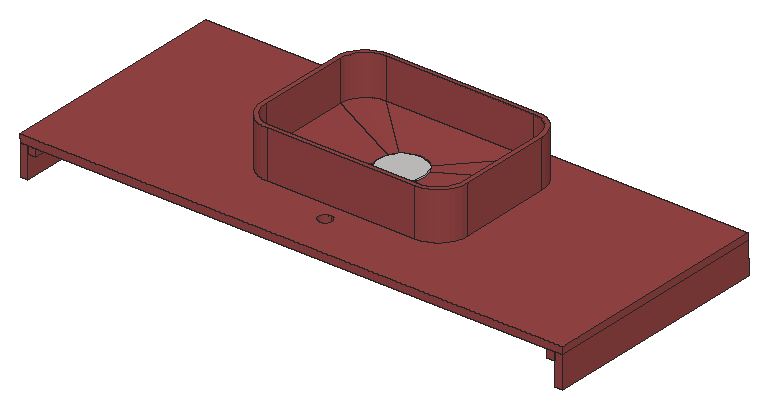
Revit family "Sanitary_Basins_Cosentino_Marie1", category Plumbing Fixtures, host Wall, Revit 2020
Family settings
  Host = Wall
  Round Connector Dimension = Use Diameter
  Part Type = Normal
  OmniClass Number = 23.45.00.00
  OmniClass Title = Sanitary, Laundry, and Cleaning Equipment
  Always vertical = Yes
  Cut with Voids When Loaded = No
  Shared = No
  Room Calculation Point = No
Parameters (values of type "Type 1")
  Width [instance] = 600 mm
  URL = "www.cosentino.com"
  Standard Edge [instance] = yes
  Product data url = "https://www.bimobject.com/cosentino/product/cosentino-marie"
  Product Material = Natural Stone - Cosentino - Silestone - Blanco Zeus - Suede
  Product Guid = "8cf5ee06-73ed-4c15-9ae5-0edcadd9ef5a"
  Model = "Marie"
  Manufacturer = "Cosentino"
  Length [instance] = 1400 mm
  Keynote = "10800"
  I_Wdth Cntrl [instance] = if(Width > 600 mm, 600 mm, if(Width < 450 mm, 450 mm, Width))  # 600 mm
  I_Lngth Cntrl [instance] = if(Length > 3000 mm, 3000 mm, if(Length < 700 mm, 700 mm, Length))  # 1400 mm
  Edition number = 1
  Description = "The basin is one of the stars of your bathroom. Cosentino offers unique designs which fit smoothly into your room, your style, and the needs of your family.\r\n\r\nWhether it’s for a master bathroom or a downstairs WC, we have the perfect product to transform your bathroom into a warm, welcoming space."
  Default Elevation = 0 mm
  Assembly Code = "D2010400"
Reference planes
  plane 1 "Wall": y = 0
  plane 2 "Center (Left/Right)": x = 125
  plane 3 "Back": y = 75
  plane 4: y = 675
  plane 5: x = -575
  plane 6: x = 825
  plane 7 "Top": z = 400
  plane 8: z = 380
  plane 9: y = 627
  plane 10: x = -141
  plane 11: x = 391
  plane 12: y = 235
  plane 13 "A": z = 419.19
  plane 14 "B": z = 409.5
  plane 15: y = 431
  plane 16 "C": x = 125
  plane 17: y = 185
Forms (mm)
  Sweep 1, solid, material "Natural Stone - Cosentino - Silestone - Blanco Zeus - Suede" <- "Product Material", detail levels medium+fine
    path origin (0, 0, 400) x (0, 1, 0) y (-1, 0, 0)
      loop
        arc (627, 65) -> (604.74, 118.74) -> (551, 141) r 76
        line (551, 141) -> (311, 141)
        arc (311, 141) -> (257.26, 118.74) -> (235, 65) r 76
        line (235, 65) -> (235, -315)
        arc (235, -315) -> (257.26, -368.74) -> (311, -391) r 76
        line (311, -391) -> (551, -391)
        arc (551, -391) -> (604.74, -368.74) -> (627, -315) r 76
        line (627, -315) -> (627, 65)
    profile origin (391, 431, 400) x (1, 0, 0) y (0, 0, 1)
      loop
        line (0, 0) -> (0, 122) -> (-11, 122) -> (-11, 0) -> (0, 0)
  Extrusion 2, solid, material "Natural Stone - Cosentino - Silestone - Blanco Zeus - Suede" <- "Product Material", detail levels fine
    sketch origin (0, 0, 400) x (0, 1, 0) y (-1, 0, 0)
      loop
        line (551, 130) -> (311, 130)
        arc (311, 130) -> (265.038, 110.962) -> (246, 65) r 65
        line (246, 65) -> (246, -315)
        arc (246, -315) -> (265.038, -360.962) -> (311, -380) r 65
        line (311, -380) -> (551, -380)
        arc (551, -380) -> (596.962, -360.962) -> (616, -315) r 65
        line (616, -315) -> (616, 65)
        arc (616, 65) -> (596.962, 110.962) -> (551, 130) r 65
    from 0 to 19.19
  Blend 3, void
    base sketch origin (0, 0, 409.5) x (0, 1, 0) y (-1, 0, 0)
      loop
        line (420, -152.1) -> (442, -152.1)
        arc (442, -152.1) -> (448.364, -149.464) -> (451, -143.1) r 9
        line (451, -143.1) -> (451, -106.9)
        arc (451, -106.9) -> (448.364, -100.536) -> (442, -97.9) r 9
        line (442, -97.9) -> (420, -97.9)
        arc (420, -97.9) -> (413.636, -100.536) -> (411, -106.9) r 9
        line (411, -106.9) -> (411, -143.1)
        arc (411, -143.1) -> (413.636, -149.464) -> (420, -152.1) r 9
    top sketch origin (0, 0, 409.5) x (0, 1, 0) y (-1, 0, 0)
      loop
        line (551, 130) -> (311, 130)
        arc (311, 130) -> (265.038, 110.962) -> (246, 65) r 65
        line (246, 65) -> (246, -315)
        arc (246, -315) -> (265.038, -360.962) -> (311, -380) r 65
        line (311, -380) -> (551, -380)
        arc (551, -380) -> (596.962, -360.962) -> (616, -315) r 65
        line (616, -315) -> (616, 65)
        arc (616, 65) -> (596.962, 110.962) -> (551, 130) r 65
    from 0 to 9.69
  Revolve 4, void
    sketch origin (125, 0, 0) x (0, 1, 0) y (0, 0, 1)
      loop
        line (431, 380) -> (431, 419.19) -> (371.5, 419.19) -> (371.5, 408.004) -> (376, 406) -> (386, 406) -> (386, 380) -> (431, 380)
      axis (431, 419.19) -> (431, 380)
    angle from 0 to 360
  Extrusion 5, solid, material "Natural Stone - Cosentino - Silestone - Blanco Zeus - Suede" <- "Product Material", detail levels medium+fine
    sketch origin (0, 0, 409.5) x (0, 1, 0) y (-1, 0, 0)
      loop
        line (675, 575) -> (75, 575) -> (75, -825) -> (675, -825) -> (675, 575)
    from -29.5 to -9.5
  Sweep 6, solid, material "Natural Stone - Cosentino - Silestone - Blanco Zeus - Suede" <- "Product Material", visible <- "Standard Edge", detail levels medium+fine
    path origin (0, 0, 400) x (0, 1, 0) y (-1, 0, 0)
      loop
        line (75, 575) -> (675, 575) -> (675, -825) -> (75, -825)
    profile origin (125, 675, 400) x (0, 1, 0) y (0, 0, 1)
      loop
        line (0, -20) -> (-20, -20) -> (-20, -100) -> (0, -100) -> (0, -20)
  Extrusion 7, void
    sketch origin (0, 0, 400) x (0, 1, 0) y (-1, 0, 0)
      loop
        circle (431, -125) r 40
    from -20 to 0
  Extrusion 8, void
    sketch origin (0, 0, 400) x (0, 1, 0) y (-1, 0, 0)
      loop
        circle (185, -125) r 17.5
    from -20 to 0
  Sweep 9, solid, material "Natural Stone - Cosentino - Silestone - Blanco Zeus - Suede" <- "Product Material", visible <- "Standard Edge"
    path origin (0, 0, 400) x (0, 1, 0) y (-1, 0, 0)
      loop
        line (75, 575) -> (675, 575) -> (675, -825) -> (75, -825)
    profile origin (125, 675, 400) x (0, 1, 0) y (0, 0, 1)
      loop
        line (-20, -20) -> (-40, -20) -> (-40, -40) -> (-20, -40) -> (-20, -20)
  Extrusion 10, solid, material "Metal - Cosentino - Stainless Steel", detail levels medium+fine
    sketch origin (0, 0, 400) x (0, 1, 0) y (-1, 0, 0)
      loop
        circle (431, -125) r 58
    from 8.004 to 12.176
  Extrusion 11, solid, material "Natural Stone - Cosentino - Silestone - Blanco Zeus - Suede" <- "Product Material", detail levels medium
    sketch origin (0, 0, 400) x (0, 1, 0) y (-1, 0, 0)
      loop
        line (551, 130) -> (311, 130)
        arc (311, 130) -> (265.038, 110.962) -> (246, 65) r 65
        line (246, 65) -> (246, -315)
        arc (246, -315) -> (265.038, -360.962) -> (311, -380) r 65
        line (311, -380) -> (551, -380)
        arc (551, -380) -> (596.962, -360.962) -> (616, -315) r 65
        line (616, -315) -> (616, 65)
        arc (616, 65) -> (596.962, 110.962) -> (551, 130) r 65
    from 0 to 8.004
  Extrusion 12, solid, material "Natural Stone - Cosentino - Silestone - Blanco Zeus - Suede" <- "Product Material", detail levels coarse
    sketch origin (0, 0, 400) x (0, 1, 0) y (-1, 0, 0)
      loop
        line (675, 575) -> (75, 575) -> (75, -825) -> (675, -825) -> (675, 575)
    from -100 to 122
Cuts and joins
  Blend 3, Revolve 4 cuts Extrusion 2
  Extrusion 7, Extrusion 8 cuts Extrusion 5
Text (mm)
  text "Placement Side" at (-1848.837, 1116.779, 0), in view "Ref. Level"
  text "Placement side" at (0, 1409.804, 2854.306), in view "Left"
  text "Placement side" at (0, 499.811, 2980.732), in view "Right"
Dimensions and locks
  locked: plane 3 "Back" to host wall
  "I_Wdth Cntrl": plane 3 "Back" to plane 4
  equal spacing: plane 5, plane 2 "Center (Left/Right)", plane 6
  "I_Lngth Cntrl": plane 5 to plane 6
  locked: plane 7 "Top" to plane 8 at 20
  locked: plane 9 to plane 12 at 392
  locked: plane 13 "A" to plane 7 "Top" at 19.19
  locked: plane 14 "B" to plane 7 "Top" at 9.5
  equal spacing: plane 9, plane 15, plane 12
  locked: plane 4 to plane 9 at 48
  locked: plane 10 to plane 11 at 532
  locked: plane 16 "C" to plane 11 at 266
  equal spacing: Blend 3 sketch curve, plane 15, Blend 3 sketch curve, locked at 185 each
  Blend 3 sketch curve to plane 16 "C" to Blend 3 sketch curve = 255 mm locked, 255 mm locked
  locked: Blend 3 sketch curve to plane 16 "C" at 27.1
  locked: plane 16 "C" to Blend 3 sketch curve at 27.1
  locked: plane 15 to Blend 3 sketch curve at 20
  locked: Blend 3 sketch curve to plane 15 at 20
  locked: plane 2 "Center (Left/Right)" to plane 11 at 266
  locked: Extrusion 10 to plane 14 "B" at 2.676
  locked: Extrusion 10 to plane 14 "B" at 1.496
  locked: plane 12 to plane 17 at 50
  locked: plane 14 "B" to Extrusion 11 at 1.496
  locked: plane 10 to Extrusion 2 sketch curve at 11
  locked: plane 9 to Extrusion 2 sketch curve at 11
  locked: Extrusion 2 sketch curve to plane 11 at 11
  locked: Extrusion 2 sketch curve to plane 12 at 11
  locked: Extrusion 12 to plane 7 "Top" at 122
  locked: Extrusion 12 to plane 7 "Top" at 100
  radius of Sweep 1 sketch curve = 76 mm  (x4)
  aligned and locked: plane 1 "Wall" to host wall
  aligned and locked: Sweep 1 sketch curve to plane 9
  aligned and locked: plane 10 to Sweep 1 sketch curve
  aligned and locked: plane 12 to Sweep 1 sketch curve
  aligned and locked: Sweep 1 sketch curve to plane 11
  aligned and locked: Extrusion 2 to plane 7 "Top"
  aligned and locked: plane 13 "A" to Extrusion 2
  aligned and locked: plane 13 "A" to Blend 3
  aligned and locked: Blend 3 to plane 14 "B"
  aligned and locked: plane 15 to Revolve 4 sketch curve
  aligned and locked: plane 5 to Extrusion 5 sketch curve
  aligned and locked: Extrusion 5 sketch curve to plane 4
  aligned and locked: Extrusion 5 sketch curve to plane 6
  aligned and locked: Extrusion 5 sketch curve to plane 3 "Back"
  aligned and locked: Extrusion 5 to plane 8
  aligned and locked: plane 7 "Top" to Extrusion 5
  aligned and locked: Sweep 6 sketch curve to plane 4
  aligned and locked: plane 5 to Sweep 6 sketch curve
  aligned and locked: plane 3 "Back" to Sweep 6 sketch curve  (x2)
  aligned and locked: Sweep 6 sketch curve to plane 6
  aligned and locked: plane 15 to Extrusion 7 sketch curve
  aligned and locked: plane 16 "C" to Extrusion 7 sketch curve
  aligned and locked: plane 7 "Top" to Extrusion 7
  aligned and locked: Extrusion 7 to plane 8
  aligned and locked: plane 17 to Extrusion 8 sketch curve
  aligned and locked: plane 16 "C" to Extrusion 8 sketch curve
  aligned and locked: Extrusion 8 to plane 8
  aligned and locked: plane 7 "Top" to Extrusion 8
  aligned and locked: plane 3 "Back" to Sweep 9 sketch curve  (x2)
  aligned and locked: plane 5 to Sweep 9 sketch curve
  aligned and locked: Sweep 9 sketch curve to plane 4
  aligned and locked: Sweep 9 sketch curve to plane 6
  aligned and locked: Revolve 4 to plane 13 "A"
  aligned and locked: Revolve 4 to plane 8
  aligned and locked: Extrusion 11 to plane 7 "Top"
  aligned and locked: Extrusion 12 sketch curve to plane 4
  aligned and locked: plane 5 to Extrusion 12 sketch curve
  aligned and locked: Extrusion 12 sketch curve to plane 6
  aligned and locked: Extrusion 12 sketch curve to plane 3 "Back"
Automatic sketch dimensions
  Sweep 1 sketch curve to plane 7 "Top" = 0 mm
  profile plane to Sweep 1 sketch curve = 0 mm
  Sweep 1 sketch curve to Sweep 1 sketch curve = 11 mm
  plane 7 "Top" to Sweep 1 sketch curve = 122 mm
  plane 10 to Blend 3 sketch curve = 76 mm
  Blend 3 sketch curve to Blend 3 sketch curve = 65 mm  (x3)
  Revolve 4 sketch curve to plane 15 = 0 mm
  Revolve 4 sketch curve to plane 8 = 0 mm
  Revolve 4 sketch curve to plane 15 = 45 mm
  Revolve 4 sketch curve to plane 14 "B" = 3.5 mm
  Revolve 4 sketch curve to Revolve 4 sketch curve = 10 mm
  Revolve 4 sketch curve to Revolve 4 sketch curve = 4.5 mm
  Revolve 4 sketch curve to plane 14 "B" = 1.496 mm
  plane 13 "A" to Revolve 4 sketch curve = 0 mm
  Revolve 4 sketch curve to Revolve 4 sketch curve = 41.996 mm
  Revolve 4 sketch curve to Revolve 4 sketch curve = 43.814 mm
  Blend 3 sketch curve to plane 9 = 76 mm
  Blend 3 sketch curve to Blend 3 sketch curve = 9 mm  (x3)
  plane 15 to Blend 3 sketch curve = 11 mm
  Sweep 6 sketch curve to profile plane = 0 mm
  Sweep 6 sketch curve to Sweep 6 sketch curve = 20 mm
  Sweep 6 sketch curve to plane 7 "Top" = 100 mm
  Sweep 6 sketch curve to plane 7 "Top" = 20 mm
  Sweep 9 sketch curve to plane 7 "Top" = 20 mm
  profile plane to Sweep 9 sketch curve = 40 mm
  Sweep 9 sketch curve to Sweep 9 sketch curve = 20 mm
  profile plane to Sweep 9 sketch curve = 20 mm
  Extrusion 10 sketch curve to plane 2 "Center (Left/Right)" = 0 mm
  Extrusion 10 sketch curve to plane 15 = 0 mm
  Extrusion 11 sketch curve to plane 9 = 76 mm
  Extrusion 11 sketch curve to plane 9 = 11 mm
  plane 10 to Extrusion 11 sketch curve = 76 mm  (x2)
  Extrusion 11 sketch curve to plane 11 = 76 mm
  plane 12 to Extrusion 11 sketch curve = 76 mm
  Extrusion 11 sketch curve to Extrusion 11 sketch curve = 65 mm  (x2)
  Extrusion 2 sketch curve to plane 9 = 76 mm
  plane 12 to Extrusion 2 sketch curve = 76 mm
  Extrusion 2 sketch curve to Extrusion 2 sketch curve = 65 mm  (x2)
  radius of Extrusion 7 sketch curve = 40 mm
  radius of Extrusion 8 sketch curve = 17.5 mm
  radius of Extrusion 10 sketch curve = 58 mm
Connectors
  piping at (125, 431, 400), diameter 35
    settings: on cut or joined group of Extrusion 2, Blend 3, Revolve 4, index 1, connector inside diameter 609.6 mm, connector length 0 mm, flow factor 0, pipe flow 0.0 L/s, pressure drop 0.0 Pa, fitting loss kfactor 0, connector angle 0.00°, fixture units 0, engagement length 0 mm, angle of deflection 0.00°, flow configuration 3, flow direction 2, fitting loss method 0, system type 16, joint type 0, gender type 0, connector reference index -1, connector utility 0, adjustable connector no, is connector primary yes, connector description ""
